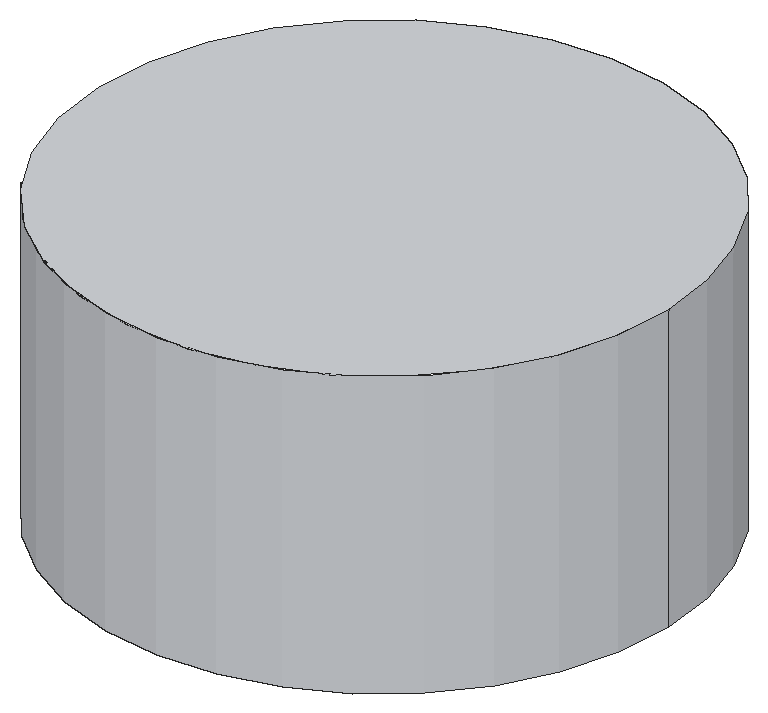
Revit family "ASF-4-C2", category Mechanical Equipment, Revit 2023
Family settings
  Round Connector Dimension = Use Diameter
  Classification = None
  Part Type = Normal
  OmniClass Number = 23.75.00.00
  OmniClass Title = Climate Control (HVAC)
  Work Plane-Based = No
  Always vertical = Yes
  Cut with Voids When Loaded = No
  Maintain Annotation Orientation = No
  Shared = No
  Room Calculation Point = No
Parameters (values of type "Standard")
  Default Elevation = 0' - 0"
  Connector_1_Diameter = 0' - 3 3/4"
Reference planes (in)
  plane 1 "Center (Front/Back)": y = 0
  plane 2: z = 0
  plane 3 "Center (Left/Right)": x = 0
Forms (in)
  Extrusion 1, solid
    sketch origin (0, 0, -9.73464) x (1, 0, 0) y (0, 1, 0)
      loop
        circle (0, 0) r 0.12
    from 0 to -0.12
Dimensions and locks (in)
  aligned and locked: plane 2 to level
Connectors (in)
  hvac at (0, 0, -9.73464), driven by "Connector_1_Diameter"
    settings: on Extrusion 1, index 1, duct flow 0 CFM, flow factor 0, pres drop 0.00 in-wg, loss coef 0, conn angle 0.00°, conn width 12", conn height 12", conn diameter 3 3/4", duct sys type 3, conn prof type 0, flow config 1, flow direction 1, loss method 0, conn ref index -1, conn util no, is conn primary yes, conn desc ""
